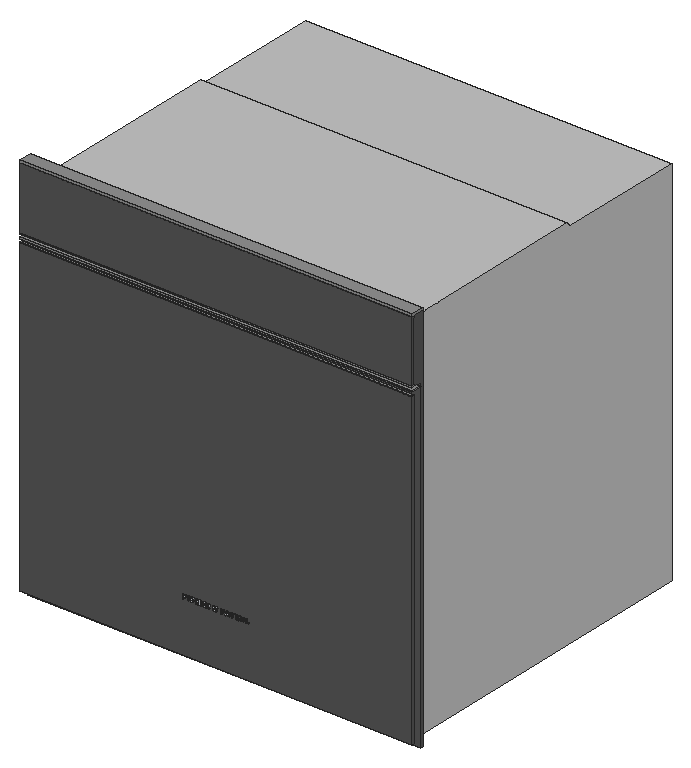
Revit family "FP-Revit20-en-OS24SMTNB1-SteamOven-0-90003590A-AU-NZ-SG-IE-UK-CN", category Specialty Equipment, Revit 2020
Family settings
  Round Connector Dimension = Use Diameter
  Part Type = Normal
  OmniClass Number = 23.40.40.14.17.11
  OmniClass Title = Cookers, Ovens, Stoves
  Work Plane-Based = No
  Always vertical = Yes
  Cut with Voids When Loaded = Yes
  Shared = No
  Room Calculation Point = No
Parameters (values of type "OS24SMTNB1 (Black Glass)")
  Visibility - Clearance Required = yes
  URL = "www.fisherpaykel.com"
  Product - Height = 598 mm  # constant formula
  Product - Width = 596 mm  # constant formula
  Product - Depth (Exc. Handles) = 565 mm  # constant formula
  Opening - Height = 487 mm  # constant formula
  Model = "OS24SMTNB1"
  Material - Trim = Fisher & Paykel - Aluminium, Dark
  Material - Structure = Fisher & Paykel - Black
  Material - Glass = Fisher & Paykel - Glass, Black
  Material - Body = Fisher & Paykel - Grey
  Manufacturer = "Fisher & Paykel Appliances"
  FFL Offset [instance] = 900 mm
  Description = "Combination Steam Oven, 60cm, 23 Function"
  Default Elevation = 0 mm
  Connector Description - Electrical = "208 or 240V, 60Hz ,20A"
  Chassis - Width = 556 mm  # constant formula
  Chassis - Height = 575 mm  # constant formula
  Chassis - Depth = 545 mm  # constant formula
  Cavity - Width = 560 mm  # constant formula
  Cavity - Height = 580 mm  # constant formula
  Cavity - Depth = 550 mm  # constant formula
Reference planes
  plane 1 "Datum": y = 0
  plane 2: z = -2
  plane 3 "Center (Left/Right)": x = 0
  plane 4 "Product - LHS": x = -298
  plane 5 "Product - RHS": x = 298
  plane 6 "Cavity - RHS": x = 280
  plane 7 "FFL Offset": z = 898
  plane 8 "Chassis - Depth": y = 545
  plane 9 "Front Face": y = -20
  plane 10 "Chassis - Height": z = 1473
  plane 11 "Cavity - Height": z = 1478
  plane 12 "Opening - Height": z = 1385
  plane 13 "Cavity - LHS": x = -280
  plane 14 "Cavity - Depth": y = 550
  plane 15 "Product - Height": z = 1496
  plane 16 "Opening - RHS": x = 300
  plane 17 "Opening - LHS": x = -300
  plane 18 "Chassis - LHS": x = -278
  plane 19 "Chassis RHS": x = 278
Forms (mm)
  Extrusion 1, solid, material "Fisher & Paykel - Grey" <- "Material - Body"
    sketch origin (0, 0, 0) x (0, 1, 0) y (0, 0, 1)
      loop
        line (0, 1473) -> (0, 898) -> (528, 898) -> (528, 1088) -> (545, 1108) -> (545, 1330) -> (498, 1385) -> (498, 1466) -> (305, 1466) -> (298, 1473) -> (0, 1473)
    from -278 to 278
  Extrusion 2, solid, material "Fisher & Paykel - Black" <- "Material - Structure", detail levels fine
    sketch origin (0, 0, 0) x (0, 1, 0) y (0, 0, 1)
      loop
        line (0, 1492.7) -> (-16, 1492.7) -> (-16, 1396) -> (-4, 1396) -> (-4, 898) -> (0, 898) -> (0, 1492.7)
    from -298 to 298
  Extrusion 3, solid, material "Fisher & Paykel - Glass, Black" <- "Material - Glass", detail levels fine
    sketch origin (0, 0, -3) x (0, 1, 0) y (0, 0, 1)
      loop
        line (-20, 1386.4) -> (-20, 912.8) -> (-16, 912.8) -> (-16, 1386.4) -> (-20, 1386.4)
      loop
        line (-20, 1400.8) -> (-16, 1400.8) -> (-16, 1495.7) -> (-20, 1495.7) -> (-20, 1400.8)
    from -298 to 298
  Extrusion 4, solid, material "Fisher & Paykel - Clearance Required", visible <- "Visibility - Clearance Required", detail levels coarse
    sketch origin (0, 0, -2) x (1, 0, 0) y (0, 1, 0)
      loop
        line (-280, 0) -> (280, 0) -> (280, 550) -> (-280, 550) -> (-280, 0)
    from 900 to 1480
  Extrusion 5, void
    sketch origin (0, 0, 0) x (0, 1, 0) y (0, 0, 1)
      loop
        line (-20, 898) -> (0, 898) -> (0, 1385) -> (-20, 1385) -> (-20, 898)
    from -300 to 300
  Extrusion 6, solid, material "Fisher & Paykel - Grey" <- "Material - Body"
    sketch origin (0, 2, 0) x (0, 1, 0) y (0, 0, 1)
      loop
        line (496, 1433.999) -> (496, 1377) -> (517.999, 1377) -> (517.999, 1433.999) -> (496, 1433.999)
    from -221 to -127
  Extrusion 7, solid, material "Fisher & Paykel - Aluminium, Dark" <- "Material - Trim", detail levels fine
    sketch origin (0, 0, -1.199) x (0, 1, 0) y (0, 0, 1)
      loop
        line (-16, 1397.199) -> (-16, 1398.999) -> (-20, 1398.999) -> (-20, 1397.199) -> (-16, 1397.199)
      loop
        line (-16, 1384.599) -> (-16, 1386.199) -> (-20, 1386.199) -> (-20, 1384.599) -> (-16, 1384.599)
      loop
        line (-4, 1390.799) -> (-4, 1392.399) -> (-20, 1392.399) -> (-20, 1390.799) -> (-4, 1390.799)
      loop
        line (0, 1493.899) -> (0, 1497.199) -> (-20, 1497.199) -> (-20, 1493.899) -> (0, 1493.899)
    from -298 to 298
  Extrusion 8, void
    sketch origin (0, 0, -2) x (1, 0, 0) y (0, 1, 0)
      loop
        line (201.865, 545) -> (229, 498) -> (278, 498) -> (278, 545) -> (201.865, 545)
      loop
        line (-201.865, 545) -> (-278, 545) -> (-278, 498) -> (-229, 498) -> (-201.865, 545)
    from 900 to 1480
  Extrusion 9, solid, material "Fisher & Paykel - Grey" <- "Material - Body"
    sketch origin (0, 6.626, -14.403) x (0, 1, 0) y (0, 0, 1)
      loop
        circle (501.374, 1419.903) r 5
    from -271 to -221
  Extrusion 10, void
    sketch origin (0, 0, -2) x (1, 0, 0) y (0, 1, 0)
      loop
        line (-280, 0) -> (280, 0) -> (280, 550) -> (-280, 550) -> (-280, 0)
    from 900 to 1480
  Extrusion 11, solid, material "Fisher & Paykel - Glass, Black" <- "Material - Glass", detail levels coarse+medium
    sketch origin (0, 0, 0) x (0, 1, 0) y (0, 0, 1)
      loop
        line (0, 1496) -> (-20, 1496) -> (-20, 1396) -> (-4, 1396) -> (-4, 1391.2) -> (-4, 1382.5) -> (-16, 1382.5) -> (-16, 1385) -> (-20, 1385) -> (-20, 909.8) -> (-4, 909.8) -> (-4, 898) -> (0, 898) -> (0, 1496)
    from -298 to 298
  Extrusion 12, solid, material "Fisher & Paykel - Black", detail levels fine
    sketch origin (0, 0, 0) x (0, 1, 0) y (0, 0, 1)
      loop
        line (-16, 1382.5) -> (-16, 909.8) -> (-4, 909.8) -> (-4, 1382.5) -> (-16, 1382.5)
    from -278 to 278
  Extrusion 13, solid, material "Fisher & Paykel - Clearance Required", visible <- "Visibility - Clearance Required", detail levels coarse
    sketch origin (0, 0, -15) x (0, 1, 0) y (0, 0, 1)
      loop
        line (-20, 927.07) -> (-20, 913) -> (0, 913) -> (0, 1400) -> (-20, 1400)
        arc (-20, 1400) -> (-341.757, 1283.845) -> (-490.153, 975.626) r 452.282
        line (-490.153, 975.626) -> (-20, 927.07)
    from -300 to 300
Cuts and joins
  Extrusion 8 cuts Extrusion 1
Text (mm)
  text "Due to ongoing product development, product details are subject to change without notice. \nPlease always refer to www.fisherpaykel.com for the most current product information. \n© Fisher & Paykel 2020" at (41.04, -613.295, 0), in view "Ref. Level (Plan)"
Dimensions and locks
  equal spacing: plane 4 "Product - LHS", plane 3 "Center (Left/Right)", plane 5 "Product - RHS"
  "Product - Width": plane 4 "Product - LHS" to plane 5 "Product - RHS"
  "FFL Offset": plane 7 "FFL Offset" to level
  locked: plane 9 "Front Face" to plane 1 "Datum" at 20
  "Cavity - Height": plane 11 "Cavity - Height" to plane 7 "FFL Offset"
  "Chassis - Height": plane 10 "Chassis - Height" to plane 7 "FFL Offset"
  "Cavity - Depth": plane 1 "Datum" to plane 14 "Cavity - Depth"
  "Cavity - Width": plane 13 "Cavity - LHS" to plane 6 "Cavity - RHS"
  Extrusion 5 to Extrusion 3 = 11.8 mm
  "Chassis - Depth": plane 1 "Datum" to plane 8 "Chassis - Depth"
  equal spacing: plane 13 "Cavity - LHS", plane 3 "Center (Left/Right)", plane 6 "Cavity - RHS"
  "Opening - Height": plane 7 "FFL Offset" to plane 12 "Opening - Height"
  "Product - Height": plane 7 "FFL Offset" to plane 15 "Product - Height"
  equal spacing: cut or joined group of Extrusion 1, Extrusion 8, plane 3 "Center (Left/Right)", cut or joined group of Extrusion 1, Extrusion 8
  "Chassis - Width": cut or joined group of Extrusion 1, Extrusion 8 to cut or joined group of Extrusion 1, Extrusion 8
  nested 1 to plane 15 "Product - Height" = 506 mm
  plane 8 "Chassis - Depth" to plane 9 "Front Face" = 565 mm
  Extrusion 1 sketch curve to Extrusion 1 sketch curve = 190 mm
  locked: nested 1 to Extrusion 13 at 92
  aligned and locked: level to plane 2
  aligned and locked: plane 4 "Product - LHS" to Extrusion 3
  aligned and locked: Extrusion 3 to plane 5 "Product - RHS"
  aligned and locked: plane 4 "Product - LHS" to Extrusion 2
  aligned and locked: Extrusion 2 to plane 5 "Product - RHS"
  aligned and locked: Extrusion 1 to plane 7 "FFL Offset"
  aligned and locked: Extrusion 7 to plane 5 "Product - RHS"
  aligned and locked: Extrusion 7 to Extrusion 3
  aligned and locked: Extrusion 3 to Extrusion 5
  aligned and locked: Extrusion 3 to Extrusion 7
  aligned and locked: Extrusion 7 to plane 1 "Datum"
  aligned and locked: plane 9 "Front Face" to Extrusion 5
  aligned and locked: Extrusion 4 to plane 6 "Cavity - RHS"
  aligned and locked: Extrusion 9 to Extrusion 6
  aligned and locked: plane 11 "Cavity - Height" to Extrusion 4
  aligned and locked: Extrusion 5 to plane 12 "Opening - Height"
  aligned and locked: Extrusion 5 to Extrusion 2
  aligned and locked: Extrusion 7 to plane 15 "Product - Height"
  aligned and locked: Extrusion 7 to Extrusion 2
  aligned and locked: Extrusion 8 to Extrusion 1
  aligned and locked: Extrusion 4 to Extrusion 2
  aligned and locked: Extrusion 4 to Extrusion 8
  aligned and locked: Extrusion 4 to plane 7 "FFL Offset"
  aligned and locked: Extrusion 1 to Extrusion 8
  aligned and locked: Extrusion 11 sketch curve to plane 15 "Product - Height"
  aligned and locked: plane 11 "Cavity - Height" to Extrusion 10
  aligned and locked: Extrusion 2 to Extrusion 10
  aligned and locked: plane 10 "Chassis - Height" to Extrusion 1
  aligned and locked: Extrusion 3 to Extrusion 12
  aligned and locked: Extrusion 2 to Extrusion 3
Automatic sketch dimensions
  Extrusion 2 sketch curve to plane 7 "FFL Offset" = 0 mm
  Extrusion 2 sketch curve to plane 1 "Datum" = 0 mm
  plane 1 "Datum" to Extrusion 2 sketch curve = 4 mm
  Extrusion 2 sketch curve to plane 9 "Front Face" = 4 mm
  Extrusion 2 sketch curve to plane 10 "Chassis - Height" = 77 mm
  plane 15 "Product - Height" to Extrusion 2 sketch curve = 3.3 mm
  Extrusion 3 sketch curve to plane 9 "Front Face" = 0 mm  (x2)
  Extrusion 3 sketch curve to Extrusion 3 sketch curve = 4 mm  (x2)
  plane 7 "FFL Offset" to Extrusion 3 sketch curve = 11.8 mm
  Extrusion 3 sketch curve to plane 10 "Chassis - Height" = 89.6 mm
  Extrusion 3 sketch curve to Extrusion 3 sketch curve = 14.4 mm
  plane 15 "Product - Height" to Extrusion 3 sketch curve = 3.3 mm
  Extrusion 4 sketch curve to plane 13 "Cavity - LHS" = 0 mm
  Extrusion 4 sketch curve to plane 6 "Cavity - RHS" = 0 mm
  plane 1 "Datum" to Extrusion 4 sketch curve = 0 mm
  Extrusion 4 sketch curve to plane 14 "Cavity - Depth" = 0 mm
  Extrusion 5 sketch curve to plane 9 "Front Face" = 0 mm
  Extrusion 5 sketch curve to plane 1 "Datum" = 0 mm
  Extrusion 5 sketch curve to plane 7 "FFL Offset" = 0 mm
  plane 12 "Opening - Height" to Extrusion 5 sketch curve = 0 mm
  Extrusion 6 sketch curve to Extrusion 6 sketch curve = 21.999 mm
  Extrusion 6 sketch curve to plane 10 "Chassis - Height" = 96 mm
  Extrusion 6 sketch curve to plane 10 "Chassis - Height" = 39.001 mm
  Extrusion 7 sketch curve to plane 9 "Front Face" = 0 mm  (x4)
  Extrusion 7 sketch curve to plane 1 "Datum" = 0 mm
  plane 15 "Product - Height" to Extrusion 7 sketch curve = 0 mm
  Extrusion 7 sketch curve to Extrusion 7 sketch curve = 4 mm  (x2)
  plane 1 "Datum" to Extrusion 7 sketch curve = 4 mm
  plane 15 "Product - Height" to Extrusion 7 sketch curve = 3.3 mm
  Extrusion 7 sketch curve to plane 10 "Chassis - Height" = 75.2 mm
  Extrusion 7 sketch curve to Extrusion 7 sketch curve = 1.8 mm
  Extrusion 7 sketch curve to Extrusion 7 sketch curve = 4.8 mm
  Extrusion 7 sketch curve to Extrusion 7 sketch curve = 1.6 mm  (x2)
  Extrusion 7 sketch curve to Extrusion 7 sketch curve = 4.6 mm
  Extrusion 8 sketch curve to plane 8 "Chassis - Depth" = 0 mm  (x2)
  Extrusion 8 sketch curve to plane 18 "Chassis - LHS" = 0 mm
  Extrusion 8 sketch curve to plane 19 "Chassis RHS" = 0 mm
  Extrusion 8 sketch curve to Extrusion 8 sketch curve = 49 mm  (x2)
  Extrusion 8 sketch curve to Extrusion 8 sketch curve = 27.135 mm
  Extrusion 8 sketch curve to Extrusion 8 sketch curve = 76.135 mm
  Extrusion 9 sketch curve to plane 10 "Chassis - Height" = 67.5 mm
  Extrusion 10 sketch curve to plane 13 "Cavity - LHS" = 0 mm
  Extrusion 10 sketch curve to plane 6 "Cavity - RHS" = 0 mm
  plane 1 "Datum" to Extrusion 10 sketch curve = 0 mm
  Extrusion 10 sketch curve to plane 14 "Cavity - Depth" = 0 mm
  Extrusion 11 sketch curve to plane 9 "Front Face" = 0 mm  (x2)
  Extrusion 11 sketch curve to plane 7 "FFL Offset" = 0 mm
  Extrusion 11 sketch curve to plane 1 "Datum" = 0 mm
  Extrusion 11 sketch curve to Extrusion 11 sketch curve = 4 mm
  plane 1 "Datum" to Extrusion 11 sketch curve = 4 mm  (x2)
  plane 7 "FFL Offset" to Extrusion 11 sketch curve = 11.8 mm
  Extrusion 11 sketch curve to plane 10 "Chassis - Height" = 90.5 mm
  Extrusion 11 sketch curve to Extrusion 11 sketch curve = 2.5 mm
  Extrusion 11 sketch curve to Extrusion 11 sketch curve = 8.7 mm
  Extrusion 11 sketch curve to Extrusion 11 sketch curve = 11 mm
  Extrusion 12 sketch curve to plane 9 "Front Face" = 4 mm
  plane 1 "Datum" to Extrusion 12 sketch curve = 4 mm
  plane 7 "FFL Offset" to Extrusion 12 sketch curve = 11.8 mm
  Extrusion 12 sketch curve to plane 10 "Chassis - Height" = 90.5 mm
  Extrusion 6 sketch curve to plane 8 "Chassis - Depth" = 47 mm
  Extrusion 8 sketch curve to plane 8 "Chassis - Depth" = 47 mm  (x2)
  Extrusion 9 sketch curve to plane 8 "Chassis - Depth" = 37 mm
  Extrusion 13 sketch curve to plane 7 "FFL Offset" = 0 mm
  Extrusion 13 sketch curve to plane 9 "Front Face" = 0 mm  (x3)
  Extrusion 13 sketch curve to plane 1 "Datum" = 0 mm
  plane 12 "Opening - Height" to Extrusion 13 sketch curve = 0 mm  (x2)
  plane 9 "Front Face" to Extrusion 13 sketch curve = 18.71 mm
  plane 7 "FFL Offset" to Extrusion 13 sketch curve = 14.07 mm
  Extrusion 13 sketch curve to Extrusion 13 sketch curve = 21.035 mm
  plane 7 "FFL Offset" to Extrusion 13 sketch curve = 62.626 mm
  Extrusion 1 sketch curve to plane 1 "Datum" = 0 mm
  Extrusion 1 sketch curve to plane 10 "Chassis - Height" = 0 mm
  plane 12 "Opening - Height" to Extrusion 1 sketch curve = 0 mm
  Extrusion 1 sketch curve to plane 7 "FFL Offset" = 0 mm
  Extrusion 1 sketch curve to plane 8 "Chassis - Depth" = 0 mm
  Extrusion 1 sketch curve to plane 8 "Chassis - Depth" = 247 mm
  Extrusion 1 sketch curve to Extrusion 1 sketch curve = 7 mm
  Extrusion 1 sketch curve to plane 10 "Chassis - Height" = 7 mm
  Extrusion 1 sketch curve to plane 8 "Chassis - Depth" = 47 mm
  Extrusion 1 sketch curve to plane 8 "Chassis - Depth" = 17 mm
  Extrusion 1 sketch curve to Extrusion 1 sketch curve = 20 mm
  plane 12 "Opening - Height" to Extrusion 1 sketch curve = 55 mm
  radius of Extrusion 9 sketch curve = 5 mm
Nested families
  nested 1: "F&P Logo 100mm" at (0.044, -20, 987.195), type "Grey"
Connectors
  electrical at (-174, 519.999, 1405.5)
    settings: on Extrusion 6, index 1, voltage 240 V, apparent load 0 VA, apparent load phase1 0 VA, apparent load phase2 0 VA, apparent load phase3 0 VA, power factor 1, load classification "Other", number of poles 1, system type 31, power factor state 1, is connector primary yes, connector utility no, sub classification motor no, connector description ""
Definition of nested family "F&P Logo 100mm"
  Parameters (values of type "Grey")
    URL = "www.fisherpaykel.com"
    Material - Logo = none
    Manufacturer = "Fisher & Paykel Appliances"
    Default Elevation = 0 mm
  Reference planes
    plane 1 "Center (Front/Back)": y = 0
    plane 2: z = 0
    plane 3 "Center (Left/Right)": x = 0
    plane 4 "Logo": z = 2.805
  Forms (mm)
    Extrusion 1, solid, material <- "Material - Logo", detail levels fine
      sketch origin (0, 0, 0) x (1, 0, 0) y (0, 0, 1)
        loop
          line (-50.044, 0) -> (-48.47, 0) -> (-48.47, 2.138) -> (-46.011, 2.138) -> (-46.011, 3.472) -> (-48.47, 3.472) -> (-48.47, 4.712) -> (-45.795, 4.712) -> (-45.795, 6.04) -> (-50.044, 6.04) -> (-50.044, 0)
        loop
          line (-42.804, 6.04) -> (-42.804, 0) -> (-41.23, 0) -> (-41.23, 6.04) -> (-42.804, 6.04)
        loop
          line (-30.724, 6.04) -> (-30.724, 0) -> (-29.151, 0) -> (-29.151, 2.42) -> (-26.839, 2.42) -> (-26.839, 0) -> (-25.265, 0) -> (-25.265, 6.04) -> (-26.839, 6.04) -> (-26.839, 3.748) -> (-29.151, 3.748) -> (-29.151, 6.04) -> (-30.724, 6.04)
        loop
          line (-21.906, 6.04) -> (-21.906, 0) -> (-17.602, 0) -> (-17.602, 1.328) -> (-20.347, 1.328) -> (-20.347, 2.42) -> (-17.838, 2.42) -> (-17.838, 3.748) -> (-20.347, 3.748) -> (-20.347, 4.712) -> (-17.602, 4.712) -> (-17.602, 6.04) -> (-21.906, 6.04)
        loop
          line (45.667, 6.04) -> (45.667, 0) -> (49.956, 0) -> (49.956, 1.328) -> (47.241, 1.328) -> (47.241, 6.04) -> (45.667, 6.04)
        loop
          line (42.431, 6.04) -> (38.112, 6.04) -> (38.112, 0) -> (42.431, 0) -> (42.431, 1.328) -> (39.687, 1.328) -> (39.687, 2.42) -> (42.195, 2.42) -> (42.195, 3.748) -> (39.687, 3.748) -> (39.687, 4.712) -> (42.431, 4.712) -> (42.431, 6.04)
        loop
          line (33.443, 3.137) -> (35.683, 6.04) -> (33.844, 6.04) -> (31.915, 3.542) -> (31.915, 6.04) -> (30.342, 6.04) -> (30.342, 0) -> (31.915, 0) -> (31.915, 2.705) -> (33.903, 0) -> (35.747, 0) -> (33.443, 3.137)
        loop
          line (21.98, 6.04) -> (24.262, 2.42) -> (24.262, 0) -> (25.837, 0) -> (25.837, 2.341) -> (28.119, 6.04) -> (26.446, 6.04) -> (25.099, 3.707) -> (23.753, 6.04) -> (21.98, 6.04)
        loop
          line (18.479, 6.04) -> (16.983, 6.04) -> (14.524, 0) -> (16.069, 0) -> (16.501, 1.112) -> (18.786, 1.112) -> (19.219, 0) -> (20.938, 0) -> (18.479, 6.04)
        loop
          line (18.4, 2.439) -> (17.693, 4.174) -> (17.018, 2.439) -> (18.4, 2.439)
        loop
          line (8.031, 6.04) -> (8.031, 0) -> (9.605, 0) -> (9.605, 1.938) -> (10.599, 1.938)
          arc (10.599, 1.938) -> (12.65, 3.989) -> (10.599, 6.04) r 2.051
          line (10.599, 6.04) -> (8.031, 6.04)
        loop
          line (9.605, 4.712) -> (9.605, 3.197) -> (10.501, 3.197)
          arc (10.501, 3.197) -> (11.259, 3.954) -> (10.501, 4.712) r 0.757
          line (10.501, 4.712) -> (9.605, 4.712)
        loop
          line (-11.783, 6.04) -> (-14.366, 6.04) -> (-14.366, 0) -> (-12.792, 0) -> (-12.792, 1.336) -> (-11.992, 1.336) -> (-10.972, 0) -> (-9.153, 0) -> (-10.694, 1.973)
          arc (-10.694, 1.973) -> (-9.678, 4.424) -> (-11.783, 6.04) r 2.179
        loop
          line (-11.897, 4.712) -> (-12.792, 4.712) -> (-12.792, 3.053) -> (-11.897, 3.053)
          arc (-11.897, 3.053) -> (-11.068, 3.882) -> (-11.897, 4.712) r 0.83
        loop
          line (0.477, 4.712) -> (0.477, 6.153) -> (-3.575, 6.153) -> (-3.575, 4.851) -> (-2.974, 4.112)
          arc (-2.974, 4.112) -> (-3.51, 0.684) -> (-0.045, 0.512) r 2.334
          line (-0.045, 0.512) -> (0.46, -0.109) -> (2.246, -0.109) -> (0.86, 1.594) -> (2.061, 3.324) -> (0.443, 3.324) -> (-0.013, 2.667) -> (-1.677, 4.712) -> (0.477, 4.712)
        loop
          arc (-2.125, 3.068) -> (-2.269, 1.668) -> (-0.868, 1.524) r 0.996
          line (-0.868, 1.524) -> (-2.125, 3.068)
        loop
          line (-35.18, 3.634) -> (-36.516, 3.91)
          arc (-36.516, 3.91) -> (-37.049, 4.443) -> (-36.516, 4.976) r 0.533
          arc (-36.516, 4.976) -> (-35.235, 4.79) -> (-34.059, 4.248) r 4.505
          line (-34.059, 4.248) -> (-34.059, 5.743)
          arc (-34.059, 5.743) -> (-35.549, 6.179) -> (-37.1, 6.109) r 4.726
          arc (-37.1, 6.109) -> (-38.536, 4.335) -> (-37.1, 2.561) r 1.814
          line (-37.1, 2.561) -> (-35.754, 2.282)
          arc (-35.754, 2.282) -> (-35.221, 1.749) -> (-35.754, 1.216) r 0.533
          arc (-35.754, 1.216) -> (-37.035, 1.402) -> (-38.211, 1.945) r 4.505
          line (-38.211, 1.945) -> (-38.211, 0.449)
          arc (-38.211, 0.449) -> (-36.72, 0.013) -> (-35.169, 0.083) r 4.726
          arc (-35.169, 0.083) -> (-33.734, 1.863) -> (-35.18, 3.634) r 1.814
      from 0 to 0.8
  Dimensions and locks
    aligned and locked: level to plane 2
